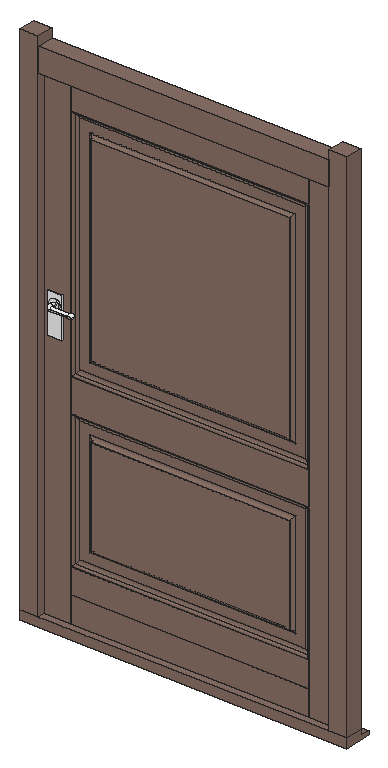
Revit family "DTI_A3-DIFSD16P12", category Doors, host Wall, Revit 2016
Family settings
  Host = Wall
  OmniClass Number = 23.30.10.00
  OmniClass Title = Doors
  Always vertical = Yes
  Cut with Voids When Loaded = No
  Shared = No
  Room Calculation Point = No
Parameters (values of type "DIFSD16P12")
  URL = "www.swartland.co.za"
  Rough Width = 923 mm
  Rough Height = 2165 mm
  Model = "DIFSD16P/1.2"
  Manufacturer = "Swartland Doors & Windows"
  Function = Exterior
  Frame Width = 74 mm
  Height = Door Height + Frame Width + Cill Height  # 2144 mm
  Wall Closure = By host
  Width = Door Width + (Frame Width * 2)  # 1348 mm
  Frame Depth = 70 mm
  Door Width = 1200 mm
  Door Material = Meranti
  Door Height = 2032 mm
  Door Frame Material = Meranti
  Description = "Pivot Door in Frame DIFSD16P/1.2"
  Cill Height = 38 mm
  Assembly Code = ""
Reference planes
  plane 1 "Centre (Front/Back)": y = 0
  plane 2 "Center (Left/Right)": x = 0
  plane 3 "Left": x = -674
  plane 4 "Right": x = 674
  plane 5: z = 2144
  plane 6 "Exterior": y = 75
  plane 7 "Interior": y = -75
  plane 8: y = -35
  plane 9 "Frame exterior": y = 35
  plane 10: z = 2070
  plane 11: x = 600
  plane 12: x = -600
  plane 13 "Cill Level": z = 38
  plane 14: z = 1094.604
  plane 15 "Centre of door": y = 17.751
Forms (mm)
  Extrusion 1, solid, material "Meranti" <- "Door Frame Material"
    sketch origin (0, 0, 38) x (1, 0, 0) y (0, 1, 0)
      loop
        line (-674, 35) -> (-674, -35) -> (-600, -35) -> (-600, 35) -> (-674, 35)
    from 0 to 2144 <- "Height"
  Extrusion 2, solid, material "Meranti" <- "Door Frame Material"
    sketch origin (0, 0, 38) x (-1, 0, 0) y (0, -1, 0)
      loop
        line (-674, -35) -> (-600, -35) -> (-600, 35) -> (-674, 35) -> (-674, -35)
    from 0 to 2144 <- "Height"
  Extrusion 3, solid, material "Meranti" <- "Door Frame Material"
    sketch origin (0, 0, 0) x (0, 1, 0) y (0, 0, 1)
      loop
        line (-35, 38) -> (-35, 0) -> (75, 0) -> (75, 15) -> (35, 19.321) -> (35, 38) -> (-35, 38)
    from -674 to 674
  Extrusion 4, solid, material "Meranti"
    sketch origin (0, 0, 0) x (0, 1, 0) y (0, 0, 1)
      loop
        line (35, 2144) -> (-35, 2144) -> (-35, 2045) -> (-5, 2045) -> (-5, 2070) -> (35, 2070) -> (35, 2144)
    from 600 to -600
  Extrusion 5, solid, material "Meranti" <- "Door Material"
    sketch origin (0, 35, 0) x (0, 0, -1) y (-1, 0, 0)
      loop
        line (-38, -600) -> (-38, -490.326) -> (-2070, -490.326) -> (-2070, -600) -> (-38, -600)
    from -40 to 0
  Extrusion 6, solid, material "Meranti" <- "Door Material"
    sketch origin (0, 35, 0) x (0, 0, -1) y (-1, 0, 0)
      loop
        line (-38, 600) -> (-2070, 600) -> (-2070, 489.674) -> (-38, 489.674) -> (-38, 600)
    from -40 to 0
  Extrusion 7, solid, material "Meranti" <- "Door Material"
    sketch origin (0, 35, -1.104) x (0, 0, -1) y (-1, 0, 0)
      loop
        line (-39.104, -490.326) -> (-39.104, 489.674) -> (-144.786, 489.674) -> (-144.786, -490.326) -> (-39.104, -490.326)
    from 0 to -40
  Extrusion 8, solid, material "Meranti"
    sketch origin (0, 35, 0) x (0, 0, -1) y (-1, 0, 0)
      loop
        line (-1930.682, -490.326) -> (-1930.682, 489.674) -> (-2070, 489.674) -> (-2070, -490.326) -> (-1930.682, -490.326)
    from 0 to -40
  Extrusion 9, solid, material "Meranti" <- "Door Material"
    sketch origin (0, 35, 104.578) x (0, 0, -1) y (-1, 0, 0)
      loop
        line (-39.104, -490.326) -> (-39.104, 489.674) -> (-144.786, 489.674) -> (-144.786, -490.326) -> (-39.104, -490.326)
    from 0 to -40
  Extrusion 10, solid, material "Meranti"
    sketch origin (0, 35, 0) x (0, 0, -1) y (-1, 0, 0)
      loop
        line (-949.682, -490.326) -> (-813.682, -490.326) -> (-813.682, 489.674) -> (-949.682, 489.674) -> (-949.682, -490.326)
    from 0 to -40
  Sweep 11, solid, material "Meranti"
    path origin (0, 17.751, 0) x (0, 0, 1) y (1, 0, 0)
      loop
        line (1930.682, 490.326) -> (949.682, 490.326) -> (949.682, -489.674) -> (1930.682, -489.674) -> (1930.682, 490.326)
    profile "Door Panel Bolection Mould Profile : Door Panel Bolection Mould Profile" origin (0.326, 17.751, 1930.682) x (0, 0, 1) y (0, 1, 0)
      loop
        line (0, 0) -> (0, 20)
        arc (0, 20) -> (-6.816, 17.116) -> (-8.853, 10) r 8.582
        arc (-8.853, 10) -> (-16.329, 6.362) -> (-24.624, 5.797) r 21.736
        line (-24.624, 5.797) -> (-64.624, 5.797)
        arc (-64.624, 5.797) -> (-75.326, 8.708) -> (-80, 18.765) r 13.157
        line (-80, 18.765) -> (-80, 0) -> (-80, -18.765)
        arc (-80, -18.765) -> (-75.326, -8.708) -> (-64.624, -5.797) r 13.157
        line (-64.624, -5.797) -> (-24.624, -5.797)
        arc (-24.624, -5.797) -> (-16.329, -6.362) -> (-8.853, -10) r 21.736
        arc (-8.853, -10) -> (-6.816, -17.116) -> (0, -20) r 8.582
        line (0, -20) -> (0, 0)
  Sweep 12, solid, material "Meranti"
    path origin (0, 17.751, 0) x (0, 0, 1) y (1, 0, 0)
      loop
        line (813.682, 490.326) -> (249.364, 490.326) -> (249.364, -489.674) -> (813.682, -489.674) -> (813.682, 490.326)
    profile "Door Panel Bolection Mould Profile : Door Panel Bolection Mould Profile" origin (0.326, 17.751, 813.682) x (0, 0, 1) y (0, 1, 0)
      loop
        line (0, 0) -> (0, 20)
        arc (0, 20) -> (-6.816, 17.116) -> (-8.853, 10) r 8.582
        arc (-8.853, 10) -> (-16.329, 6.362) -> (-24.624, 5.797) r 21.736
        line (-24.624, 5.797) -> (-64.624, 5.797)
        arc (-64.624, 5.797) -> (-75.326, 8.708) -> (-80, 18.765) r 13.157
        line (-80, 18.765) -> (-80, 0) -> (-80, -18.765)
        arc (-80, -18.765) -> (-75.326, -8.708) -> (-64.624, -5.797) r 13.157
        line (-64.624, -5.797) -> (-24.624, -5.797)
        arc (-24.624, -5.797) -> (-16.329, -6.362) -> (-8.853, -10) r 21.736
        arc (-8.853, -10) -> (-6.816, -17.116) -> (0, -20) r 8.582
        line (0, -20) -> (0, 0)
  Extrusion 13, solid, material "Meranti"
    sketch origin (0, 17.751, 0) x (0, 0, 1) y (1, 0, 0)
      loop
        line (1850.682, 410.326) -> (1029.682, 410.326) -> (1029.682, -409.674) -> (1850.682, -409.674) -> (1850.682, 410.326)
    from 20 to -20
  Extrusion 14, solid, material "Meranti"
    sketch origin (0, 17.751, 0) x (0, 0, 1) y (1, 0, 0)
      loop
        line (733.682, 410.326) -> (329.364, 410.326) -> (329.364, -409.674) -> (733.682, -409.674) -> (733.682, 410.326)
    from 20 to -20
Lines and regions (mm)
  Opening 1
    outline origin (-3050, -75, 0) x (1, 0, 0) y (0, 0, 1)
      loop
        line (2376, 0) -> (3724, 0) -> (3724, 2144) -> (2376, 2144) -> (2376, 0)
  symbolic lines
    curve 1: line (600, -35, 0) -> (600, -1235, 0)
    curve 2: arc (600, -1235, 0) -> (-248.528, -883.528, 0) -> (-600, -35, 0) r 1200
  symbolic lines, style "Elevation Swing"
    curve 3: line (570, 75, 38) -> (-600, 75, 1038)
    curve 4: line (-600, 75, 1038) -> (570, 75, 2070)
Text (mm)
  text "Exterior" at (-2295.016, 1099.543, 0), in view "Ref. Level"
  text "Exterior" at (0, 1615.38, 3698.081), in view "Left"
  text "Exterior" at (0, 1036.032, 3874.932), in view "Right"
Dimensions and locks
  equal spacing: plane 3 "Left", plane 2 "Center (Left/Right)", plane 4 "Right"
  plane 3 "Left" to plane 4 "Right" = 1348 mm
  locked: plane 6 "Exterior" to host wall at 0
  locked: plane 7 "Interior" to host wall
  equal spacing: plane 9 "Frame exterior", plane 1 "Centre (Front/Back)", plane 8
  "Frame Depth": plane 9 "Frame exterior" to plane 8
  "Frame Width": plane 10 to plane 5
  "Door Width": plane 12 to plane 11
  plane 9 "Frame exterior" to plane 8 = 70 mm  (x2)
  "Door Height": plane 13 "Cill Level" to plane 10
  "Cill Height": level to plane 13 "Cill Level"
  "Frame Width": plane 11 to plane 4 "Right"
  "Frame Width": plane 3 "Left" to plane 12
  plane 3 "Left" to plane 12 = 74 mm
  level to Extrusion 3 = 38 mm
  level to plane 5 = 2144 mm
  aligned and locked: plane 3 "Left" to Opening 1 sketch curve
  aligned and locked: plane 5 to Opening 1 sketch curve  (x2)
  aligned and locked: Opening 1 sketch curve to plane 4 "Right"
  aligned and locked: Opening 1 sketch curve to level
  aligned and locked: plane 1 "Centre (Front/Back)" to host wall
  aligned: Extrusion 2 to level
  aligned: Extrusion 1 to level
  aligned: plane 12 to Extrusion 3
  aligned: Extrusion 3 to plane 11
  aligned and locked: Extrusion 3 to host wall  (x2)
  aligned and locked: Extrusion 2 to plane 13 "Cill Level"
  aligned and locked: Extrusion 1 to plane 13 "Cill Level"
  aligned and locked: Extrusion 4 to plane 11
  aligned and locked: plane 12 to Extrusion 4
  aligned and locked: Sweep 12 sketch curve to Extrusion 10  (x2)
  aligned and locked: Sweep 12 sketch curve to Extrusion 9  (x2)
  aligned and locked: Extrusion 13 sketch curve to Sweep 11  (x4)
  aligned and locked: Extrusion 14 sketch curve to Sweep 12  (x4)
Automatic sketch dimensions
  Extrusion 1 sketch curve to plane 3 "Left" = 0 mm
  Extrusion 1 sketch curve to plane 9 "Frame exterior" = 0 mm
  Extrusion 1 sketch curve to plane 12 = 0 mm
  Extrusion 1 sketch curve to plane 8 = 0 mm
  Extrusion 2 sketch curve to plane 4 "Right" = 0 mm
  Extrusion 2 sketch curve to plane 9 "Frame exterior" = 0 mm
  Extrusion 2 sketch curve to plane 11 = 0 mm
  Extrusion 2 sketch curve to plane 8 = 0 mm
  Extrusion 3 sketch curve to level = 0 mm
  Extrusion 3 sketch curve to plane 8 = 0 mm
  Extrusion 3 sketch curve to plane 9 "Frame exterior" = 0 mm
  Extrusion 3 sketch curve to host wall = 0 mm
  Extrusion 3 sketch curve to plane 13 "Cill Level" = 0 mm
  level to Extrusion 3 sketch curve = 15 mm
  Extrusion 3 sketch curve to Extrusion 3 sketch curve = 18.679 mm
  plane 5 to Extrusion 4 sketch curve = 0 mm
  Extrusion 4 sketch curve to plane 8 = 0 mm
  plane 10 to Extrusion 4 sketch curve = 0 mm
  Extrusion 4 sketch curve to plane 9 "Frame exterior" = 0 mm
  host wall to Extrusion 4 sketch curve = 5 mm
  Extrusion 4 sketch curve to Extrusion 4 sketch curve = 25 mm
  Extrusion 5 sketch curve to plane 10 = 0 mm
  plane 11 to Extrusion 5 sketch curve = 0 mm
  Extrusion 5 sketch curve to plane 13 "Cill Level" = 0 mm
  Extrusion 5 sketch curve to Extrusion 5 sketch curve = 109.674 mm
  Extrusion 6 sketch curve to plane 10 = 0 mm
  plane 12 to Extrusion 6 sketch curve = 0 mm
  Extrusion 6 sketch curve to plane 13 "Cill Level" = 0 mm
  Extrusion 6 sketch curve to plane 12 = 110.326 mm
  Extrusion 7 sketch curve to plane 13 "Cill Level" = 0 mm
  plane 13 "Cill Level" to Extrusion 7 sketch curve = 105.682 mm
  plane 11 to Extrusion 7 sketch curve = 109.674 mm
  Extrusion 7 sketch curve to plane 12 = 110.326 mm
  plane 12 to curve 3 = 0 mm
  curve 4 to plane 10 = 0 mm
  curve 3 to plane 13 "Cill Level" = 0 mm
  plane 11 to curve 4 = 30 mm
  plane 11 to curve 3 = 30 mm
  curve 4 to plane 14 = 56.604 mm
  curve 2 to plane 8 = 0 mm
  curve 2 to plane 12 = 0 mm
  curve 2 to plane 11 = 0 mm
  curve 1 to plane 8 = 0 mm
  Extrusion 8 sketch curve to plane 10 = 0 mm
  plane 10 to Extrusion 8 sketch curve = 139.318 mm
  plane 11 to Extrusion 8 sketch curve = 109.674 mm
  Extrusion 8 sketch curve to plane 12 = 110.326 mm
  plane 11 to Extrusion 9 sketch curve = 109.674 mm
  plane 13 "Cill Level" to Extrusion 9 sketch curve = 211.364 mm
  Extrusion 9 sketch curve to Extrusion 9 sketch curve = 105.682 mm
  Extrusion 9 sketch curve to plane 12 = 110.326 mm
  Extrusion 10 sketch curve to plane 14 = 144.922 mm
  Extrusion 10 sketch curve to Extrusion 10 sketch curve = 136 mm
  plane 11 to Extrusion 10 sketch curve = 109.674 mm
  Extrusion 10 sketch curve to plane 12 = 110.326 mm
  Sweep 11 sketch curve to plane 14 = 144.922 mm
  plane 10 to Sweep 11 sketch curve = 139.318 mm
  Sweep 11 sketch curve to plane 12 = 110.326 mm
  plane 11 to Sweep 11 sketch curve = 109.674 mm
Nested families
  nested 1: "Handle Domestic (1)" at (-614.586, -5, 1200), type "Handle Domestic (1)"
  nested 2: "Handle Domestic (1)" at (-614.586, 35, 1200), type "Handle Domestic (1)"
Definition of nested family "Handle Domestic (1)"
  Parameters
    Manufacturer = "Revit"
    Material Ironmongery = none
    Handle Z Distance = 0 mm
    Handle X Distance = 65 mm
    Function = (empty or 0)
  Reference planes
    plane 1 "Center (Front/Back)": y = 0
    plane 2: z = 0
    plane 3 "Center (Left/Right)": x = 0
    plane 4: z = 0
    plane 5: x = 65
  Forms (mm)
    Extrusion 1, solid, material <- "Material Ironmongery", detail levels medium+fine
      sketch origin (0, 0, 0) x (1, 0, 0) y (0, 0, 1)
        loop
          line (35, 40) -> (35, -125) -> (95, -125) -> (95, 40) -> (35, 40)
      from 0 to -6
    Sweep 2, solid, material <- "Material Ironmongery", detail levels medium+fine
      path origin (0, 0, 0) x (0, -1, 0) y (1, 0, 0)
        loop
          line (-10.593, 65) -> (-26, 65)
          arc (-26, 65) -> (-36.607, 69.393) -> (-41, 80) r 15
          line (-41, 80) -> (-41, 152)
          arc (-41, 152) -> (-38.657, 157.657) -> (-33, 160) r 8
      profile origin (0, 18.296, 0) x (-1, 0, 0) y (0, 0, 1)
        loop
          circle (-65, 0) r 7
    Extrusion 3, solid, material <- "Material Ironmongery", detail levels medium+fine
      sketch origin (0, 0, 0) x (1, 0, 0) y (0, 0, 1)
        loop
          circle (65, 0) r 20
      from -6 to -10.593
  Dimensions and locks
    "Handle Z Distance": plane 4 to level
    "Handle X Distance": plane 5 to plane 3 "Center (Left/Right)"
    aligned and locked: Extrusion 1 to Extrusion 3
    aligned and locked: Extrusion 3 to Sweep 2 sketch curve
  Automatic sketch dimensions
    Sweep 2 sketch curve to plane 4 = 0 mm
    Sweep 2 sketch curve to profile plane = 0 mm
    Extrusion 3 sketch curve to plane 4 = 0 mm
    Extrusion 3 sketch curve to plane 5 = 0 mm
    Sweep 2 sketch curve to plane 5 = 0 mm
    Sweep 2 sketch curve to plane 1 "Center (Front/Back)" = 41 mm
    Sweep 2 sketch curve to Sweep 2 sketch curve = 8 mm
    Sweep 2 sketch curve to Sweep 2 sketch curve = 15 mm
    Sweep 2 sketch curve to Sweep 2 sketch curve = 72 mm
    plane 5 to Extrusion 1 sketch curve = 30 mm
    Extrusion 1 sketch curve to plane 5 = 30 mm
    plane 4 to Extrusion 1 sketch curve = 125 mm
    Extrusion 1 sketch curve to plane 4 = 40 mm
    radius of Sweep 2 sketch curve = 7 mm
    radius of Extrusion 3 sketch curve = 20 mm
